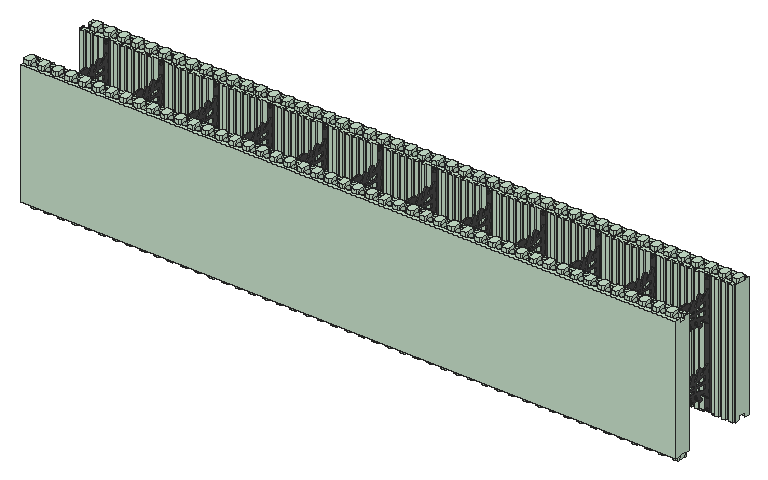
Revit family (continued)
Forms (in)
  Extrusion 44, void
    sketch origin (84, 0, 0) x (1, 0, 0) y (0, 1, 0)
      loop
        arc (1.17308, -5.73905) -> (1.04785, -5.82983) -> (1, -5.97692) r 0.25
        line (1, -5.97692) -> (1, -6.89808)
    from 18 to 17.5
  Extrusion 45, void
    sketch origin (86, 0, 0) x (1, 0, 0) y (0, 1, 0)
      loop
        arc (1, -6.89808) -> (1.04785, -7.04517) -> (1.17308, -7.13595) r 0.25
        arc (1.17308, -7.13595) -> (1.5, -7.1875) -> (1.82692, -7.13595) r 1.0625
        arc (1.82692, -7.13595) -> (1.95215, -7.04517) -> (2, -6.89808) r 0.25
        line (2, -6.89808) -> (2, -5.97692)
        arc (2, -5.97692) -> (1.98276, -5.88568) -> (1.9334, -5.80702) r 0.25
        arc (1.9334, -5.80702) -> (1.92106, -5.78736) -> (1.91675, -5.76455) r 0.0625
        line (1.91675, -5.76455) -> (1.91675, -5.41845) -> (1.74592, -5.41845) -> (1.74592, -5.64005)
        arc (1.74592, -5.64005) -> (1.72385, -5.68771) -> (1.67323, -5.70172) r 0.0625
        arc (1.67323, -5.70172) -> (1.42092, -5.69045) -> (1.17308, -5.73905) r 1.0625
        arc (1.17308, -5.73905) -> (1.04785, -5.82983) -> (1, -5.97692) r 0.25
        line (1, -5.97692) -> (1, -6.89808)
    from 18 to 17.5
  Extrusion 46, void
    sketch origin (88, 0, 0) x (1, 0, 0) y (0, 1, 0)
      loop
        arc (1, -6.89808) -> (1.04785, -7.04517) -> (1.17308, -7.13595) r 0.25
        arc (1.17308, -7.13595) -> (1.5, -7.1875) -> (1.82692, -7.13595) r 1.0625
        arc (1.82692, -7.13595) -> (1.95215, -7.04517) -> (2, -6.89808) r 0.25
        line (2, -6.89808) -> (2, -5.97692)
        arc (2, -5.97692) -> (1.98276, -5.88568) -> (1.9334, -5.80702) r 0.25
        arc (1.9334, -5.80702) -> (1.92106, -5.78736) -> (1.91675, -5.76455) r 0.0625
        line (1.91675, -5.76455) -> (1.91675, -5.41845) -> (1.74592, -5.41845) -> (1.74592, -5.64005)
        arc (1.74592, -5.64005) -> (1.72385, -5.68771) -> (1.67323, -5.70172) r 0.0625
        arc (1.67323, -5.70172) -> (1.42092, -5.69045) -> (1.17308, -5.73905) r 1.0625
        arc (1.17308, -5.73905) -> (1.04785, -5.82983) -> (1, -5.97692) r 0.25
        line (1, -5.97692) -> (1, -6.89808)
    from 18 to 17.5
  Extrusion 47, void
    sketch origin (90, 0, 0) x (1, 0, 0) y (0, 1, 0)
      loop
        arc (1, -6.89808) -> (1.04785, -7.04517) -> (1.17308, -7.13595) r 0.25
        arc (1.17308, -7.13595) -> (1.5, -7.1875) -> (1.82692, -7.13595) r 1.0625
        arc (1.82692, -7.13595) -> (1.95215, -7.04517) -> (2, -6.89808) r 0.25
        line (2, -6.89808) -> (2, -5.97692)
        arc (2, -5.97692) -> (1.98276, -5.88568) -> (1.9334, -5.80702) r 0.25
        arc (1.9334, -5.80702) -> (1.92106, -5.78736) -> (1.91675, -5.76455) r 0.0625
        line (1.91675, -5.76455) -> (1.91675, -5.41845) -> (1.74592, -5.41845) -> (1.74592, -5.64005)
        arc (1.74592, -5.64005) -> (1.72385, -5.68771) -> (1.67323, -5.70172) r 0.0625
        arc (1.67323, -5.70172) -> (1.42092, -5.69045) -> (1.17308, -5.73905) r 1.0625
        arc (1.17308, -5.73905) -> (1.04785, -5.82983) -> (1, -5.97692) r 0.25
        line (1, -5.97692) -> (1, -6.89808)
    from 18 to 17.5
  Extrusion 48, void
    sketch origin (92, 0, 0) x (1, 0, 0) y (0, 1, 0)
      loop
        arc (1, -6.89808) -> (1.04785, -7.04517) -> (1.17308, -7.13595) r 0.25
        arc (1.17308, -7.13595) -> (1.5, -7.1875) -> (1.82692, -7.13595) r 1.0625
        arc (1.82692, -7.13595) -> (1.95215, -7.04517) -> (2, -6.89808) r 0.25
        line (2, -6.89808) -> (2, -5.97692)
        arc (2, -5.97692) -> (1.98276, -5.88568) -> (1.9334, -5.80702) r 0.25
        arc (1.9334, -5.80702) -> (1.92106, -5.78736) -> (1.91675, -5.76455) r 0.0625
        line (1.91675, -5.76455) -> (1.91675, -5.41845) -> (1.74592, -5.41845) -> (1.74592, -5.64005)
        arc (1.74592, -5.64005) -> (1.72385, -5.68771) -> (1.67323, -5.70172) r 0.0625
        arc (1.67323, -5.70172) -> (1.42092, -5.69045) -> (1.17308, -5.73905) r 1.0625
        arc (1.17308, -5.73905) -> (1.04785, -5.82983) -> (1, -5.97692) r 0.25
        line (1, -5.97692) -> (1, -6.89808)
    from 18 to 17.5
  Extrusion 49, void
    sketch origin (94, 0, 0) x (1, 0, 0) y (0, 1, 0)
      loop
        arc (1, -6.89808) -> (1.04785, -7.04517) -> (1.17308, -7.13595) r 0.25
        arc (1.17308, -7.13595) -> (1.5, -7.1875) -> (1.82692, -7.13595) r 1.0625
        arc (1.82692, -7.13595) -> (1.95215, -7.04517) -> (2, -6.89808) r 0.25
        line (2, -6.89808) -> (2, -5.97692)
        arc (2, -5.97692) -> (1.98276, -5.88568) -> (1.9334, -5.80702) r 0.25
        arc (1.9334, -5.80702) -> (1.92106, -5.78736) -> (1.91675, -5.76455) r 0.0625
        line (1.91675, -5.76455) -> (1.91675, -5.41845) -> (1.74592, -5.41845) -> (1.74592, -5.64005)
        arc (1.74592, -5.64005) -> (1.72385, -5.68771) -> (1.67323, -5.70172) r 0.0625
        arc (1.67323, -5.70172) -> (1.42092, -5.69045) -> (1.17308, -5.73905) r 1.0625
        arc (1.17308, -5.73905) -> (1.04785, -5.82983) -> (1, -5.97692) r 0.25
        line (1, -5.97692) -> (1, -6.89808)
    from 18 to 17.5
  Extrusion 50, void
    sketch origin (96, 0, 0) x (-1, 0, 0) y (0, -1, 0)
      loop
        arc (1, -4.89808) -> (1.04785, -5.04517) -> (1.17308, -5.13595) r 0.25
        arc (1.17308, -5.13595) -> (1.5, -5.1875) -> (1.82692, -5.13595) r 1.0625
        arc (1.82692, -5.13595) -> (1.95215, -5.04517) -> (2, -4.89808) r 0.25
        line (2, -4.89808) -> (2, -3.97692)
        arc (2, -3.97692) -> (1.98276, -3.88568) -> (1.9334, -3.80702) r 0.25
        arc (1.9334, -3.80702) -> (1.92106, -3.78736) -> (1.91675, -3.76455) r 0.0625
        line (1.91675, -3.76455) -> (1.91675, -3.41845) -> (1.74592, -3.41845) -> (1.74592, -3.64005)
        arc (1.74592, -3.64005) -> (1.72385, -3.68771) -> (1.67323, -3.70172) r 0.0625
        arc (1.67323, -3.70172) -> (1.42092, -3.69045) -> (1.17308, -3.73905) r 1.0625
        arc (1.17308, -3.73905) -> (1.04785, -3.82983) -> (1, -3.97692) r 0.25
        line (1, -3.97692) -> (1, -4.89808)
    from 18 to 17.5
  Extrusion 51, void
    sketch origin (94, 0, 0) x (-1, 0, 0) y (0, -1, 0)
      loop
        arc (1, -4.89808) -> (1.04785, -5.04517) -> (1.17308, -5.13595) r 0.25
        arc (1.17308, -5.13595) -> (1.5, -5.1875) -> (1.82692, -5.13595) r 1.0625
        arc (1.82692, -5.13595) -> (1.95215, -5.04517) -> (2, -4.89808) r 0.25
        line (2, -4.89808) -> (2, -3.97692)
        arc (2, -3.97692) -> (1.98276, -3.88568) -> (1.9334, -3.80702) r 0.25
        arc (1.9334, -3.80702) -> (1.92106, -3.78736) -> (1.91675, -3.76455) r 0.0625
        line (1.91675, -3.76455) -> (1.91675, -3.41845) -> (1.74592, -3.41845) -> (1.74592, -3.64005)
        arc (1.74592, -3.64005) -> (1.72385, -3.68771) -> (1.67323, -3.70172) r 0.0625
        arc (1.67323, -3.70172) -> (1.42092, -3.69045) -> (1.17308, -3.73905) r 1.0625
        arc (1.17308, -3.73905) -> (1.04785, -3.82983) -> (1, -3.97692) r 0.25
        line (1, -3.97692) -> (1, -4.89808)
    from 18 to 17.5
  Extrusion 52, void
    sketch origin (92, 0, 0) x (-1, 0, 0) y (0, -1, 0)
      loop
        arc (1, -4.89808) -> (1.04785, -5.04517) -> (1.17308, -5.13595) r 0.25
        arc (1.17308, -5.13595) -> (1.5, -5.1875) -> (1.82692, -5.13595) r 1.0625
        arc (1.82692, -5.13595) -> (1.95215, -5.04517) -> (2, -4.89808) r 0.25
        line (2, -4.89808) -> (2, -3.97692)
        arc (2, -3.97692) -> (1.98276, -3.88568) -> (1.9334, -3.80702) r 0.25
        arc (1.9334, -3.80702) -> (1.92106, -3.78736) -> (1.91675, -3.76455) r 0.0625
        line (1.91675, -3.76455) -> (1.91675, -3.41845) -> (1.74592, -3.41845) -> (1.74592, -3.64005)
        arc (1.74592, -3.64005) -> (1.72385, -3.68771) -> (1.67323, -3.70172) r 0.0625
        arc (1.67323, -3.70172) -> (1.42092, -3.69045) -> (1.17308, -3.73905) r 1.0625
        arc (1.17308, -3.73905) -> (1.04785, -3.82983) -> (1, -3.97692) r 0.25
        line (1, -3.97692) -> (1, -4.89808)
    from 18 to 17.5
  Extrusion 53, void
    sketch origin (90, 0, 0) x (-1, 0, 0) y (0, -1, 0)
      loop
        arc (1, -4.89808) -> (1.04785, -5.04517) -> (1.17308, -5.13595) r 0.25
        arc (1.17308, -5.13595) -> (1.5, -5.1875) -> (1.82692, -5.13595) r 1.0625
        arc (1.82692, -5.13595) -> (1.95215, -5.04517) -> (2, -4.89808) r 0.25
        line (2, -4.89808) -> (2, -3.97692)
        arc (2, -3.97692) -> (1.98276, -3.88568) -> (1.9334, -3.80702) r 0.25
        arc (1.9334, -3.80702) -> (1.92106, -3.78736) -> (1.91675, -3.76455) r 0.0625
        line (1.91675, -3.76455) -> (1.91675, -3.41845) -> (1.74592, -3.41845) -> (1.74592, -3.64005)
        arc (1.74592, -3.64005) -> (1.72385, -3.68771) -> (1.67323, -3.70172) r 0.0625
        arc (1.67323, -3.70172) -> (1.42092, -3.69045) -> (1.17308, -3.73905) r 1.0625
        arc (1.17308, -3.73905) -> (1.04785, -3.82983) -> (1, -3.97692) r 0.25
        line (1, -3.97692) -> (1, -4.89808)
    from 18 to 17.5
  Extrusion 54, void
    sketch origin (88, 0, 0) x (-1, 0, 0) y (0, -1, 0)
      loop
        arc (1, -4.89808) -> (1.04785, -5.04517) -> (1.17308, -5.13595) r 0.25
        arc (1.17308, -5.13595) -> (1.5, -5.1875) -> (1.82692, -5.13595) r 1.0625
        arc (1.82692, -5.13595) -> (1.95215, -5.04517) -> (2, -4.89808) r 0.25
        line (2, -4.89808) -> (2, -3.97692)
        arc (2, -3.97692) -> (1.98276, -3.88568) -> (1.9334, -3.80702) r 0.25
        arc (1.9334, -3.80702) -> (1.92106, -3.78736) -> (1.91675, -3.76455) r 0.0625
        line (1.91675, -3.76455) -> (1.91675, -3.41845) -> (1.74592, -3.41845) -> (1.74592, -3.64005)
        arc (1.74592, -3.64005) -> (1.72385, -3.68771) -> (1.67323, -3.70172) r 0.0625
        arc (1.67323, -3.70172) -> (1.42092, -3.69045) -> (1.17308, -3.73905) r 1.0625
        arc (1.17308, -3.73905) -> (1.04785, -3.82983) -> (1, -3.97692) r 0.25
        line (1, -3.97692) -> (1, -4.89808)
    from 18 to 17.5
  Extrusion 55, void
    sketch origin (86, 0, 0) x (-1, 0, 0) y (0, -1, 0)
      loop
        arc (1, -4.89808) -> (1.04785, -5.04517) -> (1.17308, -5.13595) r 0.25
        arc (1.17308, -5.13595) -> (1.5, -5.1875) -> (1.82692, -5.13595) r 1.0625
        arc (1.82692, -5.13595) -> (1.95215, -5.04517) -> (2, -4.89808) r 0.25
        line (2, -4.89808) -> (2, -3.97692)
        arc (2, -3.97692) -> (1.98276, -3.88568) -> (1.9334, -3.80702) r 0.25
        arc (1.9334, -3.80702) -> (1.92106, -3.78736) -> (1.91675, -3.76455) r 0.0625
        line (1.91675, -3.76455) -> (1.91675, -3.41845) -> (1.74592, -3.41845) -> (1.74592, -3.64005)
        arc (1.74592, -3.64005) -> (1.72385, -3.68771) -> (1.67323, -3.70172) r 0.0625
        arc (1.67323, -3.70172) -> (1.42092, -3.69045) -> (1.17308, -3.73905) r 1.0625
        arc (1.17308, -3.73905) -> (1.04785, -3.82983) -> (1, -3.97692) r 0.25
        line (1, -3.97692) -> (1, -4.89808)
    from 18 to 17.5
  Extrusion 56, void
    sketch origin (84, 0, 0) x (-1, 0, 0) y (0, -1, 0)
      loop
        arc (1, -4.89808) -> (1.04785, -5.04517) -> (1.17308, -5.13595) r 0.25
        arc (1.17308, -5.13595) -> (1.5, -5.1875) -> (1.82692, -5.13595) r 1.0625
        arc (1.82692, -5.13595) -> (1.95215, -5.04517) -> (2, -4.89808) r 0.25
        line (2, -4.89808) -> (2, -3.97692)
        arc (2, -3.97692) -> (1.98276, -3.88568) -> (1.9334, -3.80702) r 0.25
        arc (1.9334, -3.80702) -> (1.92106, -3.78736) -> (1.91675, -3.76455) r 0.0625
        line (1.91675, -3.76455) -> (1.91675, -3.41845) -> (1.74592, -3.41845) -> (1.74592, -3.64005)
        arc (1.74592, -3.64005) -> (1.72385, -3.68771) -> (1.67323, -3.70172) r 0.0625
        arc (1.67323, -3.70172) -> (1.42092, -3.69045) -> (1.17308, -3.73905) r 1.0625
        arc (1.17308, -3.73905) -> (1.04785, -3.82983) -> (1, -3.97692) r 0.25
        line (1, -3.97692) -> (1, -4.89808)
    from 18 to 17.5
  Extrusion 57, void
    sketch origin (82, 0, 0) x (-1, 0, 0) y (0, -1, 0)
      loop
        arc (1, -4.89808) -> (1.04785, -5.04517) -> (1.17308, -5.13595) r 0.25
        arc (1.17308, -5.13595) -> (1.5, -5.1875) -> (1.82692, -5.13595) r 1.0625
        arc (1.82692, -5.13595) -> (1.95215, -5.04517) -> (2, -4.89808) r 0.25
        line (2, -4.89808) -> (2, -3.97692)
        arc (2, -3.97692) -> (1.98276, -3.88568) -> (1.9334, -3.80702) r 0.25
        arc (1.9334, -3.80702) -> (1.92106, -3.78736) -> (1.91675, -3.76455) r 0.0625
        line (1.91675, -3.76455) -> (1.91675, -3.41845) -> (1.74592, -3.41845) -> (1.74592, -3.64005)
        arc (1.74592, -3.64005) -> (1.72385, -3.68771) -> (1.67323, -3.70172) r 0.0625
        arc (1.67323, -3.70172) -> (1.42092, -3.69045) -> (1.17308, -3.73905) r 1.0625
        arc (1.17308, -3.73905) -> (1.04785, -3.82983) -> (1, -3.97692) r 0.25
        line (1, -3.97692) -> (1, -4.89808)
    from 18 to 17.5
  Extrusion 58, void
    sketch origin (80, 0, 0) x (-1, 0, 0) y (0, -1, 0)
      loop
        arc (1, -4.89808) -> (1.04785, -5.04517) -> (1.17308, -5.13595) r 0.25
        arc (1.17308, -5.13595) -> (1.5, -5.1875) -> (1.82692, -5.13595) r 1.0625
        arc (1.82692, -5.13595) -> (1.95215, -5.04517) -> (2, -4.89808) r 0.25
        line (2, -4.89808) -> (2, -3.97692)
        arc (2, -3.97692) -> (1.98276, -3.88568) -> (1.9334, -3.80702) r 0.25
        arc (1.9334, -3.80702) -> (1.92106, -3.78736) -> (1.91675, -3.76455) r 0.0625
        line (1.91675, -3.76455) -> (1.91675, -3.41845) -> (1.74592, -3.41845) -> (1.74592, -3.64005)
        arc (1.74592, -3.64005) -> (1.72385, -3.68771) -> (1.67323, -3.70172) r 0.0625
        arc (1.67323, -3.70172) -> (1.42092, -3.69045) -> (1.17308, -3.73905) r 1.0625
        arc (1.17308, -3.73905) -> (1.04785, -3.82983) -> (1, -3.97692) r 0.25
        line (1, -3.97692) -> (1, -4.89808)
    from 18 to 17.5
  Extrusion 59, void
    sketch origin (78, 0, 0) x (-1, 0, 0) y (0, -1, 0)
      loop
        arc (1, -4.89808) -> (1.04785, -5.04517) -> (1.17308, -5.13595) r 0.25
        arc (1.17308, -5.13595) -> (1.5, -5.1875) -> (1.82692, -5.13595) r 1.0625
        arc (1.82692, -5.13595) -> (1.95215, -5.04517) -> (2, -4.89808) r 0.25
        line (2, -4.89808) -> (2, -3.97692)
        arc (2, -3.97692) -> (1.98276, -3.88568) -> (1.9334, -3.80702) r 0.25
        arc (1.9334, -3.80702) -> (1.92106, -3.78736) -> (1.91675, -3.76455) r 0.0625
        line (1.91675, -3.76455) -> (1.91675, -3.41845) -> (1.74592, -3.41845) -> (1.74592, -3.64005)
        arc (1.74592, -3.64005) -> (1.72385, -3.68771) -> (1.67323, -3.70172) r 0.0625
        arc (1.67323, -3.70172) -> (1.42092, -3.69045) -> (1.17308, -3.73905) r 1.0625
        arc (1.17308, -3.73905) -> (1.04785, -3.82983) -> (1, -3.97692) r 0.25
        line (1, -3.97692) -> (1, -4.89808)
    from 18 to 17.5
  Extrusion 60, void
    sketch origin (76, 0, 0) x (-1, 0, 0) y (0, -1, 0)
      loop
        arc (1, -4.89808) -> (1.04785, -5.04517) -> (1.17308, -5.13595) r 0.25
        arc (1.17308, -5.13595) -> (1.5, -5.1875) -> (1.82692, -5.13595) r 1.0625
        arc (1.82692, -5.13595) -> (1.95215, -5.04517) -> (2, -4.89808) r 0.25
        line (2, -4.89808) -> (2, -3.97692)
        arc (2, -3.97692) -> (1.98276, -3.88568) -> (1.9334, -3.80702) r 0.25
        arc (1.9334, -3.80702) -> (1.92106, -3.78736) -> (1.91675, -3.76455) r 0.0625
        line (1.91675, -3.76455) -> (1.91675, -3.41845) -> (1.74592, -3.41845) -> (1.74592, -3.64005)
        arc (1.74592, -3.64005) -> (1.72385, -3.68771) -> (1.67323, -3.70172) r 0.0625
        arc (1.67323, -3.70172) -> (1.42092, -3.69045) -> (1.17308, -3.73905) r 1.0625
        arc (1.17308, -3.73905) -> (1.04785, -3.82983) -> (1, -3.97692) r 0.25
        line (1, -3.97692) -> (1, -4.89808)
    from 18 to 17.5
  Extrusion 61, void
    sketch origin (74, 0, 0) x (-1, 0, 0) y (0, -1, 0)
      loop
        arc (1, -4.89808) -> (1.04785, -5.04517) -> (1.17308, -5.13595) r 0.25
        arc (1.17308, -5.13595) -> (1.5, -5.1875) -> (1.82692, -5.13595) r 1.0625
        arc (1.82692, -5.13595) -> (1.95215, -5.04517) -> (2, -4.89808) r 0.25
        line (2, -4.89808) -> (2, -3.97692)
        arc (2, -3.97692) -> (1.98276, -3.88568) -> (1.9334, -3.80702) r 0.25
        arc (1.9334, -3.80702) -> (1.92106, -3.78736) -> (1.91675, -3.76455) r 0.0625
        line (1.91675, -3.76455) -> (1.91675, -3.41845) -> (1.74592, -3.41845) -> (1.74592, -3.64005)
        arc (1.74592, -3.64005) -> (1.72385, -3.68771) -> (1.67323, -3.70172) r 0.0625
        arc (1.67323, -3.70172) -> (1.42092, -3.69045) -> (1.17308, -3.73905) r 1.0625
        arc (1.17308, -3.73905) -> (1.04785, -3.82983) -> (1, -3.97692) r 0.25
        line (1, -3.97692) -> (1, -4.89808)
    from 18 to 17.5
  Extrusion 62, void
    sketch origin (72, 0, 0) x (-1, 0, 0) y (0, -1, 0)
      loop
        arc (1, -4.89808) -> (1.04785, -5.04517) -> (1.17308, -5.13595) r 0.25
        arc (1.17308, -5.13595) -> (1.5, -5.1875) -> (1.82692, -5.13595) r 1.0625
        arc (1.82692, -5.13595) -> (1.95215, -5.04517) -> (2, -4.89808) r 0.25
        line (2, -4.89808) -> (2, -3.97692)
        arc (2, -3.97692) -> (1.98276, -3.88568) -> (1.9334, -3.80702) r 0.25
        arc (1.9334, -3.80702) -> (1.92106, -3.78736) -> (1.91675, -3.76455) r 0.0625
        line (1.91675, -3.76455) -> (1.91675, -3.41845) -> (1.74592, -3.41845) -> (1.74592, -3.64005)
        arc (1.74592, -3.64005) -> (1.72385, -3.68771) -> (1.67323, -3.70172) r 0.0625
        arc (1.67323, -3.70172) -> (1.42092, -3.69045) -> (1.17308, -3.73905) r 1.0625
        arc (1.17308, -3.73905) -> (1.04785, -3.82983) -> (1, -3.97692) r 0.25
        line (1, -3.97692) -> (1, -4.89808)
    from 18 to 17.5
  Extrusion 63, void
    sketch origin (70, 0, 0) x (-1, 0, 0) y (0, -1, 0)
      loop
        arc (1, -4.89808) -> (1.04785, -5.04517) -> (1.17308, -5.13595) r 0.25
        arc (1.17308, -5.13595) -> (1.5, -5.1875) -> (1.82692, -5.13595) r 1.0625
        arc (1.82692, -5.13595) -> (1.95215, -5.04517) -> (2, -4.89808) r 0.25
        line (2, -4.89808) -> (2, -3.97692)
        arc (2, -3.97692) -> (1.98276, -3.88568) -> (1.9334, -3.80702) r 0.25
        arc (1.9334, -3.80702) -> (1.92106, -3.78736) -> (1.91675, -3.76455) r 0.0625
        line (1.91675, -3.76455) -> (1.91675, -3.41845) -> (1.74592, -3.41845) -> (1.74592, -3.64005)
        arc (1.74592, -3.64005) -> (1.72385, -3.68771) -> (1.67323, -3.70172) r 0.0625
        arc (1.67323, -3.70172) -> (1.42092, -3.69045) -> (1.17308, -3.73905) r 1.0625
        arc (1.17308, -3.73905) -> (1.04785, -3.82983) -> (1, -3.97692) r 0.25
        line (1, -3.97692) -> (1, -4.89808)
    from 18 to 17.5
  Extrusion 64, void
    sketch origin (68, 0, 0) x (-1, 0, 0) y (0, -1, 0)
      loop
        arc (1, -4.89808) -> (1.04785, -5.04517) -> (1.17308, -5.13595) r 0.25
        arc (1.17308, -5.13595) -> (1.5, -5.1875) -> (1.82692, -5.13595) r 1.0625
        arc (1.82692, -5.13595) -> (1.95215, -5.04517) -> (2, -4.89808) r 0.25
        line (2, -4.89808) -> (2, -3.97692)
        arc (2, -3.97692) -> (1.98276, -3.88568) -> (1.9334, -3.80702) r 0.25
        arc (1.9334, -3.80702) -> (1.92106, -3.78736) -> (1.91675, -3.76455) r 0.0625
        line (1.91675, -3.76455) -> (1.91675, -3.41845) -> (1.74592, -3.41845) -> (1.74592, -3.64005)
        arc (1.74592, -3.64005) -> (1.72385, -3.68771) -> (1.67323, -3.70172) r 0.0625
        arc (1.67323, -3.70172) -> (1.42092, -3.69045) -> (1.17308, -3.73905) r 1.0625
        arc (1.17308, -3.73905) -> (1.04785, -3.82983) -> (1, -3.97692) r 0.25
        line (1, -3.97692) -> (1, -4.89808)
    from 18 to 17.5
  Extrusion 65, void
    sketch origin (66, 0, 0) x (-1, 0, 0) y (0, -1, 0)
      loop
        arc (1, -4.89808) -> (1.04785, -5.04517) -> (1.17308, -5.13595) r 0.25
        arc (1.17308, -5.13595) -> (1.5, -5.1875) -> (1.82692, -5.13595) r 1.0625
        arc (1.82692, -5.13595) -> (1.95215, -5.04517) -> (2, -4.89808) r 0.25
        line (2, -4.89808) -> (2, -3.97692)
        arc (2, -3.97692) -> (1.98276, -3.88568) -> (1.9334, -3.80702) r 0.25
        arc (1.9334, -3.80702) -> (1.92106, -3.78736) -> (1.91675, -3.76455) r 0.0625
        line (1.91675, -3.76455) -> (1.91675, -3.41845) -> (1.74592, -3.41845) -> (1.74592, -3.64005)
        arc (1.74592, -3.64005) -> (1.72385, -3.68771) -> (1.67323, -3.70172) r 0.0625
        arc (1.67323, -3.70172) -> (1.42092, -3.69045) -> (1.17308, -3.73905) r 1.0625
        arc (1.17308, -3.73905) -> (1.04785, -3.82983) -> (1, -3.97692) r 0.25
        line (1, -3.97692) -> (1, -4.89808)
    from 18 to 17.5
  Extrusion 66, void
    sketch origin (64, 0, 0) x (-1, 0, 0) y (0, -1, 0)
      loop
        arc (1, -4.89808) -> (1.04785, -5.04517) -> (1.17308, -5.13595) r 0.25
        arc (1.17308, -5.13595) -> (1.5, -5.1875) -> (1.82692, -5.13595) r 1.0625
        arc (1.82692, -5.13595) -> (1.95215, -5.04517) -> (2, -4.89808) r 0.25
        line (2, -4.89808) -> (2, -3.97692)
        arc (2, -3.97692) -> (1.98276, -3.88568) -> (1.9334, -3.80702) r 0.25
        arc (1.9334, -3.80702) -> (1.92106, -3.78736) -> (1.91675, -3.76455) r 0.0625
        line (1.91675, -3.76455) -> (1.91675, -3.41845) -> (1.74592, -3.41845) -> (1.74592, -3.64005)
        arc (1.74592, -3.64005) -> (1.72385, -3.68771) -> (1.67323, -3.70172) r 0.0625
        arc (1.67323, -3.70172) -> (1.42092, -3.69045) -> (1.17308, -3.73905) r 1.0625
        arc (1.17308, -3.73905) -> (1.04785, -3.82983) -> (1, -3.97692) r 0.25
        line (1, -3.97692) -> (1, -4.89808)
    from 18 to 17.5
  Extrusion 67, void
    sketch origin (62, 0, 0) x (-1, 0, 0) y (0, -1, 0)
      loop
        arc (1, -4.89808) -> (1.04785, -5.04517) -> (1.17308, -5.13595) r 0.25
        arc (1.17308, -5.13595) -> (1.5, -5.1875) -> (1.82692, -5.13595) r 1.0625
        arc (1.82692, -5.13595) -> (1.95215, -5.04517) -> (2, -4.89808) r 0.25
        line (2, -4.89808) -> (2, -3.97692)
        arc (2, -3.97692) -> (1.98276, -3.88568) -> (1.9334, -3.80702) r 0.25
        arc (1.9334, -3.80702) -> (1.92106, -3.78736) -> (1.91675, -3.76455) r 0.0625
        line (1.91675, -3.76455) -> (1.91675, -3.41845) -> (1.74592, -3.41845) -> (1.74592, -3.64005)
        arc (1.74592, -3.64005) -> (1.72385, -3.68771) -> (1.67323, -3.70172) r 0.0625
        arc (1.67323, -3.70172) -> (1.42092, -3.69045) -> (1.17308, -3.73905) r 1.0625
        arc (1.17308, -3.73905) -> (1.04785, -3.82983) -> (1, -3.97692) r 0.25
        line (1, -3.97692) -> (1, -4.89808)
    from 18 to 17.5
  Extrusion 68, void
    sketch origin (60, 0, 0) x (-1, 0, 0) y (0, -1, 0)
      loop
        arc (1, -4.89808) -> (1.04785, -5.04517) -> (1.17308, -5.13595) r 0.25
        arc (1.17308, -5.13595) -> (1.5, -5.1875) -> (1.82692, -5.13595) r 1.0625
        arc (1.82692, -5.13595) -> (1.95215, -5.04517) -> (2, -4.89808) r 0.25
        line (2, -4.89808) -> (2, -3.97692)
        arc (2, -3.97692) -> (1.98276, -3.88568) -> (1.9334, -3.80702) r 0.25
        arc (1.9334, -3.80702) -> (1.92106, -3.78736) -> (1.91675, -3.76455) r 0.0625
        line (1.91675, -3.76455) -> (1.91675, -3.41845) -> (1.74592, -3.41845) -> (1.74592, -3.64005)
        arc (1.74592, -3.64005) -> (1.72385, -3.68771) -> (1.67323, -3.70172) r 0.0625
        arc (1.67323, -3.70172) -> (1.42092, -3.69045) -> (1.17308, -3.73905) r 1.0625
        arc (1.17308, -3.73905) -> (1.04785, -3.82983) -> (1, -3.97692) r 0.25
        line (1, -3.97692) -> (1, -4.89808)
    from 18 to 17.5
  Extrusion 69, void
    sketch origin (58, 0, 0) x (-1, 0, 0) y (0, -1, 0)
      loop
        arc (1, -4.89808) -> (1.04785, -5.04517) -> (1.17308, -5.13595) r 0.25
        arc (1.17308, -5.13595) -> (1.5, -5.1875) -> (1.82692, -5.13595) r 1.0625
        arc (1.82692, -5.13595) -> (1.95215, -5.04517) -> (2, -4.89808) r 0.25
        line (2, -4.89808) -> (2, -3.97692)
        arc (2, -3.97692) -> (1.98276, -3.88568) -> (1.9334, -3.80702) r 0.25
        arc (1.9334, -3.80702) -> (1.92106, -3.78736) -> (1.91675, -3.76455) r 0.0625
        line (1.91675, -3.76455) -> (1.91675, -3.41845) -> (1.74592, -3.41845) -> (1.74592, -3.64005)
        arc (1.74592, -3.64005) -> (1.72385, -3.68771) -> (1.67323, -3.70172) r 0.0625
        arc (1.67323, -3.70172) -> (1.42092, -3.69045) -> (1.17308, -3.73905) r 1.0625
        arc (1.17308, -3.73905) -> (1.04785, -3.82983) -> (1, -3.97692) r 0.25
        line (1, -3.97692) -> (1, -4.89808)
    from 18 to 17.5
  Extrusion 70, void
    sketch origin (56, 0, 0) x (-1, 0, 0) y (0, -1, 0)
      loop
        arc (1, -4.89808) -> (1.04785, -5.04517) -> (1.17308, -5.13595) r 0.25
        arc (1.17308, -5.13595) -> (1.5, -5.1875) -> (1.82692, -5.13595) r 1.0625
        arc (1.82692, -5.13595) -> (1.95215, -5.04517) -> (2, -4.89808) r 0.25
        line (2, -4.89808) -> (2, -3.97692)
        arc (2, -3.97692) -> (1.98276, -3.88568) -> (1.9334, -3.80702) r 0.25
        arc (1.9334, -3.80702) -> (1.92106, -3.78736) -> (1.91675, -3.76455) r 0.0625
        line (1.91675, -3.76455) -> (1.91675, -3.41845) -> (1.74592, -3.41845) -> (1.74592, -3.64005)
        arc (1.74592, -3.64005) -> (1.72385, -3.68771) -> (1.67323, -3.70172) r 0.0625
        arc (1.67323, -3.70172) -> (1.42092, -3.69045) -> (1.17308, -3.73905) r 1.0625
        arc (1.17308, -3.73905) -> (1.04785, -3.82983) -> (1, -3.97692) r 0.25
        line (1, -3.97692) -> (1, -4.89808)
    from 18 to 17.5
  Extrusion 71, void
    sketch origin (54, 0, 0) x (-1, 0, 0) y (0, -1, 0)
      loop
        arc (1, -4.89808) -> (1.04785, -5.04517) -> (1.17308, -5.13595) r 0.25
        arc (1.17308, -5.13595) -> (1.5, -5.1875) -> (1.82692, -5.13595) r 1.0625
        arc (1.82692, -5.13595) -> (1.95215, -5.04517) -> (2, -4.89808) r 0.25
        line (2, -4.89808) -> (2, -3.97692)
        arc (2, -3.97692) -> (1.98276, -3.88568) -> (1.9334, -3.80702) r 0.25
        arc (1.9334, -3.80702) -> (1.92106, -3.78736) -> (1.91675, -3.76455) r 0.0625
        line (1.91675, -3.76455) -> (1.91675, -3.41845) -> (1.74592, -3.41845) -> (1.74592, -3.64005)
        arc (1.74592, -3.64005) -> (1.72385, -3.68771) -> (1.67323, -3.70172) r 0.0625
        arc (1.67323, -3.70172) -> (1.42092, -3.69045) -> (1.17308, -3.73905) r 1.0625
        arc (1.17308, -3.73905) -> (1.04785, -3.82983) -> (1, -3.97692) r 0.25
        line (1, -3.97692) -> (1, -4.89808)
    from 18 to 17.5
  Extrusion 72, void
    sketch origin (52, 0, 0) x (-1, 0, 0) y (0, -1, 0)
      loop
        arc (1, -4.89808) -> (1.04785, -5.04517) -> (1.17308, -5.13595) r 0.25
        arc (1.17308, -5.13595) -> (1.5, -5.1875) -> (1.82692, -5.13595) r 1.0625
        arc (1.82692, -5.13595) -> (1.95215, -5.04517) -> (2, -4.89808) r 0.25
        line (2, -4.89808) -> (2, -3.97692)
        arc (2, -3.97692) -> (1.98276, -3.88568) -> (1.9334, -3.80702) r 0.25
        arc (1.9334, -3.80702) -> (1.92106, -3.78736) -> (1.91675, -3.76455) r 0.0625
        line (1.91675, -3.76455) -> (1.91675, -3.41845) -> (1.74592, -3.41845) -> (1.74592, -3.64005)
        arc (1.74592, -3.64005) -> (1.72385, -3.68771) -> (1.67323, -3.70172) r 0.0625
        arc (1.67323, -3.70172) -> (1.42092, -3.69045) -> (1.17308, -3.73905) r 1.0625
        arc (1.17308, -3.73905) -> (1.04785, -3.82983) -> (1, -3.97692) r 0.25
        line (1, -3.97692) -> (1, -4.89808)
    from 18 to 17.5
  Extrusion 73, void
    sketch origin (50, 0, 0) x (-1, 0, 0) y (0, -1, 0)
      loop
        arc (1, -4.89808) -> (1.04785, -5.04517) -> (1.17308, -5.13595) r 0.25
        arc (1.17308, -5.13595) -> (1.5, -5.1875) -> (1.82692, -5.13595) r 1.0625
        arc (1.82692, -5.13595) -> (1.95215, -5.04517) -> (2, -4.89808) r 0.25
        line (2, -4.89808) -> (2, -3.97692)
        arc (2, -3.97692) -> (1.98276, -3.88568) -> (1.9334, -3.80702) r 0.25
        arc (1.9334, -3.80702) -> (1.92106, -3.78736) -> (1.91675, -3.76455) r 0.0625
        line (1.91675, -3.76455) -> (1.91675, -3.41845) -> (1.74592, -3.41845) -> (1.74592, -3.64005)
        arc (1.74592, -3.64005) -> (1.72385, -3.68771) -> (1.67323, -3.70172) r 0.0625
        arc (1.67323, -3.70172) -> (1.42092, -3.69045) -> (1.17308, -3.73905) r 1.0625
        arc (1.17308, -3.73905) -> (1.04785, -3.82983) -> (1, -3.97692) r 0.25
        line (1, -3.97692) -> (1, -4.89808)
    from 18 to 17.5
  Extrusion 74, void
    sketch origin (48, 0, 0) x (-1, 0, 0) y (0, -1, 0)
      loop
        arc (1, -4.89808) -> (1.04785, -5.04517) -> (1.17308, -5.13595) r 0.25
        arc (1.17308, -5.13595) -> (1.5, -5.1875) -> (1.82692, -5.13595) r 1.0625
        arc (1.82692, -5.13595) -> (1.95215, -5.04517) -> (2, -4.89808) r 0.25
        line (2, -4.89808) -> (2, -3.97692)
        arc (2, -3.97692) -> (1.98276, -3.88568) -> (1.9334, -3.80702) r 0.25
        arc (1.9334, -3.80702) -> (1.92106, -3.78736) -> (1.91675, -3.76455) r 0.0625
        line (1.91675, -3.76455) -> (1.91675, -3.41845) -> (1.74592, -3.41845) -> (1.74592, -3.64005)
        arc (1.74592, -3.64005) -> (1.72385, -3.68771) -> (1.67323, -3.70172) r 0.0625
        arc (1.67323, -3.70172) -> (1.42092, -3.69045) -> (1.17308, -3.73905) r 1.0625
        arc (1.17308, -3.73905) -> (1.04785, -3.82983) -> (1, -3.97692) r 0.25
        line (1, -3.97692) -> (1, -4.89808)
    from 18 to 17.5
  Extrusion 75, void
    sketch origin (46, 0, 0) x (-1, 0, 0) y (0, -1, 0)
      loop
        arc (1, -4.89808) -> (1.04785, -5.04517) -> (1.17308, -5.13595) r 0.25
        arc (1.17308, -5.13595) -> (1.5, -5.1875) -> (1.82692, -5.13595) r 1.0625
        arc (1.82692, -5.13595) -> (1.95215, -5.04517) -> (2, -4.89808) r 0.25
        line (2, -4.89808) -> (2, -3.97692)
        arc (2, -3.97692) -> (1.98276, -3.88568) -> (1.9334, -3.80702) r 0.25
        arc (1.9334, -3.80702) -> (1.92106, -3.78736) -> (1.91675, -3.76455) r 0.0625
        line (1.91675, -3.76455) -> (1.91675, -3.41845) -> (1.74592, -3.41845) -> (1.74592, -3.64005)
        arc (1.74592, -3.64005) -> (1.72385, -3.68771) -> (1.67323, -3.70172) r 0.0625
        arc (1.67323, -3.70172) -> (1.42092, -3.69045) -> (1.17308, -3.73905) r 1.0625
        arc (1.17308, -3.73905) -> (1.04785, -3.82983) -> (1, -3.97692) r 0.25
        line (1, -3.97692) -> (1, -4.89808)
    from 18 to 17.5
  Extrusion 76, void
    sketch origin (44, 0, 0) x (-1, 0, 0) y (0, -1, 0)
      loop
        arc (1, -4.89808) -> (1.04785, -5.04517) -> (1.17308, -5.13595) r 0.25
        arc (1.17308, -5.13595) -> (1.5, -5.1875) -> (1.82692, -5.13595) r 1.0625
        arc (1.82692, -5.13595) -> (1.95215, -5.04517) -> (2, -4.89808) r 0.25
        line (2, -4.89808) -> (2, -3.97692)
        arc (2, -3.97692) -> (1.98276, -3.88568) -> (1.9334, -3.80702) r 0.25
        arc (1.9334, -3.80702) -> (1.92106, -3.78736) -> (1.91675, -3.76455) r 0.0625
        line (1.91675, -3.76455) -> (1.91675, -3.41845) -> (1.74592, -3.41845) -> (1.74592, -3.64005)
        arc (1.74592, -3.64005) -> (1.72385, -3.68771) -> (1.67323, -3.70172) r 0.0625
        arc (1.67323, -3.70172) -> (1.42092, -3.69045) -> (1.17308, -3.73905) r 1.0625
        arc (1.17308, -3.73905) -> (1.04785, -3.82983) -> (1, -3.97692) r 0.25
        line (1, -3.97692) -> (1, -4.89808)
    from 18 to 17.5
  Extrusion 77, void
    sketch origin (42, 0, 0) x (-1, 0, 0) y (0, -1, 0)
      loop
        arc (1, -4.89808) -> (1.04785, -5.04517) -> (1.17308, -5.13595) r 0.25
        arc (1.17308, -5.13595) -> (1.5, -5.1875) -> (1.82692, -5.13595) r 1.0625
        arc (1.82692, -5.13595) -> (1.95215, -5.04517) -> (2, -4.89808) r 0.25
        line (2, -4.89808) -> (2, -3.97692)
        arc (2, -3.97692) -> (1.98276, -3.88568) -> (1.9334, -3.80702) r 0.25
        arc (1.9334, -3.80702) -> (1.92106, -3.78736) -> (1.91675, -3.76455) r 0.0625
        line (1.91675, -3.76455) -> (1.91675, -3.41845) -> (1.74592, -3.41845) -> (1.74592, -3.64005)
        arc (1.74592, -3.64005) -> (1.72385, -3.68771) -> (1.67323, -3.70172) r 0.0625
        arc (1.67323, -3.70172) -> (1.42092, -3.69045) -> (1.17308, -3.73905) r 1.0625
        arc (1.17308, -3.73905) -> (1.04785, -3.82983) -> (1, -3.97692) r 0.25
        line (1, -3.97692) -> (1, -4.89808)
    from 18 to 17.5
  Extrusion 78, void
    sketch origin (40, 0, 0) x (-1, 0, 0) y (0, -1, 0)
      loop
        arc (1, -4.89808) -> (1.04785, -5.04517) -> (1.17308, -5.13595) r 0.25
        arc (1.17308, -5.13595) -> (1.5, -5.1875) -> (1.82692, -5.13595) r 1.0625
        arc (1.82692, -5.13595) -> (1.95215, -5.04517) -> (2, -4.89808) r 0.25
        line (2, -4.89808) -> (2, -3.97692)
        arc (2, -3.97692) -> (1.98276, -3.88568) -> (1.9334, -3.80702) r 0.25
        arc (1.9334, -3.80702) -> (1.92106, -3.78736) -> (1.91675, -3.76455) r 0.0625
        line (1.91675, -3.76455) -> (1.91675, -3.41845) -> (1.74592, -3.41845) -> (1.74592, -3.64005)
        arc (1.74592, -3.64005) -> (1.72385, -3.68771) -> (1.67323, -3.70172) r 0.0625
        arc (1.67323, -3.70172) -> (1.42092, -3.69045) -> (1.17308, -3.73905) r 1.0625
        arc (1.17308, -3.73905) -> (1.04785, -3.82983) -> (1, -3.97692) r 0.25
        line (1, -3.97692) -> (1, -4.89808)
    from 18 to 17.5
  Extrusion 79, void
    sketch origin (38, 0, 0) x (-1, 0, 0) y (0, -1, 0)
      loop
        arc (1, -4.89808) -> (1.04785, -5.04517) -> (1.17308, -5.13595) r 0.25
        arc (1.17308, -5.13595) -> (1.5, -5.1875) -> (1.82692, -5.13595) r 1.0625
        arc (1.82692, -5.13595) -> (1.95215, -5.04517) -> (2, -4.89808) r 0.25
        line (2, -4.89808) -> (2, -3.97692)
        arc (2, -3.97692) -> (1.98276, -3.88568) -> (1.9334, -3.80702) r 0.25
        arc (1.9334, -3.80702) -> (1.92106, -3.78736) -> (1.91675, -3.76455) r 0.0625
        line (1.91675, -3.76455) -> (1.91675, -3.41845) -> (1.74592, -3.41845) -> (1.74592, -3.64005)
        arc (1.74592, -3.64005) -> (1.72385, -3.68771) -> (1.67323, -3.70172) r 0.0625
        arc (1.67323, -3.70172) -> (1.42092, -3.69045) -> (1.17308, -3.73905) r 1.0625
        arc (1.17308, -3.73905) -> (1.04785, -3.82983) -> (1, -3.97692) r 0.25
        line (1, -3.97692) -> (1, -4.89808)
    from 18 to 17.5
  Extrusion 80, void
    sketch origin (36, 0, 0) x (-1, 0, 0) y (0, -1, 0)
      loop
        arc (1, -4.89808) -> (1.04785, -5.04517) -> (1.17308, -5.13595) r 0.25
        arc (1.17308, -5.13595) -> (1.5, -5.1875) -> (1.82692, -5.13595) r 1.0625
        arc (1.82692, -5.13595) -> (1.95215, -5.04517) -> (2, -4.89808) r 0.25
        line (2, -4.89808) -> (2, -3.97692)
        arc (2, -3.97692) -> (1.98276, -3.88568) -> (1.9334, -3.80702) r 0.25
        arc (1.9334, -3.80702) -> (1.92106, -3.78736) -> (1.91675, -3.76455) r 0.0625
        line (1.91675, -3.76455) -> (1.91675, -3.41845) -> (1.74592, -3.41845) -> (1.74592, -3.64005)
        arc (1.74592, -3.64005) -> (1.72385, -3.68771) -> (1.67323, -3.70172) r 0.0625
        arc (1.67323, -3.70172) -> (1.42092, -3.69045) -> (1.17308, -3.73905) r 1.0625
        arc (1.17308, -3.73905) -> (1.04785, -3.82983) -> (1, -3.97692) r 0.25
        line (1, -3.97692) -> (1, -4.89808)
    from 18 to 17.5
  Extrusion 81, void
    sketch origin (34, 0, 0) x (-1, 0, 0) y (0, -1, 0)
      loop
        arc (1, -4.89808) -> (1.04785, -5.04517) -> (1.17308, -5.13595) r 0.25
        arc (1.17308, -5.13595) -> (1.5, -5.1875) -> (1.82692, -5.13595) r 1.0625
        arc (1.82692, -5.13595) -> (1.95215, -5.04517) -> (2, -4.89808) r 0.25
        line (2, -4.89808) -> (2, -3.97692)
        arc (2, -3.97692) -> (1.98276, -3.88568) -> (1.9334, -3.80702) r 0.25
        arc (1.9334, -3.80702) -> (1.92106, -3.78736) -> (1.91675, -3.76455) r 0.0625
        line (1.91675, -3.76455) -> (1.91675, -3.41845) -> (1.74592, -3.41845) -> (1.74592, -3.64005)
        arc (1.74592, -3.64005) -> (1.72385, -3.68771) -> (1.67323, -3.70172) r 0.0625
        arc (1.67323, -3.70172) -> (1.42092, -3.69045) -> (1.17308, -3.73905) r 1.0625
        arc (1.17308, -3.73905) -> (1.04785, -3.82983) -> (1, -3.97692) r 0.25
        line (1, -3.97692) -> (1, -4.89808)
    from 18 to 17.5
  Extrusion 82, void
    sketch origin (32, 0, 0) x (-1, 0, 0) y (0, -1, 0)
      loop
        arc (1, -4.89808) -> (1.04785, -5.04517) -> (1.17308, -5.13595) r 0.25
        arc (1.17308, -5.13595) -> (1.5, -5.1875) -> (1.82692, -5.13595) r 1.0625
        arc (1.82692, -5.13595) -> (1.95215, -5.04517) -> (2, -4.89808) r 0.25
        line (2, -4.89808) -> (2, -3.97692)
        arc (2, -3.97692) -> (1.98276, -3.88568) -> (1.9334, -3.80702) r 0.25
        arc (1.9334, -3.80702) -> (1.92106, -3.78736) -> (1.91675, -3.76455) r 0.0625
        line (1.91675, -3.76455) -> (1.91675, -3.41845) -> (1.74592, -3.41845) -> (1.74592, -3.64005)
        arc (1.74592, -3.64005) -> (1.72385, -3.68771) -> (1.67323, -3.70172) r 0.0625
        arc (1.67323, -3.70172) -> (1.42092, -3.69045) -> (1.17308, -3.73905) r 1.0625
        arc (1.17308, -3.73905) -> (1.04785, -3.82983) -> (1, -3.97692) r 0.25
        line (1, -3.97692) -> (1, -4.89808)
    from 18 to 17.5
  Extrusion 83, void
    sketch origin (30, 0, 0) x (-1, 0, 0) y (0, -1, 0)
      loop
        arc (1, -4.89808) -> (1.04785, -5.04517) -> (1.17308, -5.13595) r 0.25
        arc (1.17308, -5.13595) -> (1.5, -5.1875) -> (1.82692, -5.13595) r 1.0625
        arc (1.82692, -5.13595) -> (1.95215, -5.04517) -> (2, -4.89808) r 0.25
        line (2, -4.89808) -> (2, -3.97692)
        arc (2, -3.97692) -> (1.98276, -3.88568) -> (1.9334, -3.80702) r 0.25
        arc (1.9334, -3.80702) -> (1.92106, -3.78736) -> (1.91675, -3.76455) r 0.0625
        line (1.91675, -3.76455) -> (1.91675, -3.41845) -> (1.74592, -3.41845) -> (1.74592, -3.64005)
        arc (1.74592, -3.64005) -> (1.72385, -3.68771) -> (1.67323, -3.70172) r 0.0625
        arc (1.67323, -3.70172) -> (1.42092, -3.69045) -> (1.17308, -3.73905) r 1.0625
        arc (1.17308, -3.73905) -> (1.04785, -3.82983) -> (1, -3.97692) r 0.25
        line (1, -3.97692) -> (1, -4.89808)
    from 18 to 17.5
  Extrusion 84, void
    sketch origin (28, 0, 0) x (-1, 0, 0) y (0, -1, 0)
      loop
        arc (1, -4.89808) -> (1.04785, -5.04517) -> (1.17308, -5.13595) r 0.25
        arc (1.17308, -5.13595) -> (1.5, -5.1875) -> (1.82692, -5.13595) r 1.0625
        arc (1.82692, -5.13595) -> (1.95215, -5.04517) -> (2, -4.89808) r 0.25
        line (2, -4.89808) -> (2, -3.97692)
        arc (2, -3.97692) -> (1.98276, -3.88568) -> (1.9334, -3.80702) r 0.25
        arc (1.9334, -3.80702) -> (1.92106, -3.78736) -> (1.91675, -3.76455) r 0.0625
        line (1.91675, -3.76455) -> (1.91675, -3.41845) -> (1.74592, -3.41845) -> (1.74592, -3.64005)
        arc (1.74592, -3.64005) -> (1.72385, -3.68771) -> (1.67323, -3.70172) r 0.0625
        arc (1.67323, -3.70172) -> (1.42092, -3.69045) -> (1.17308, -3.73905) r 1.0625
        arc (1.17308, -3.73905) -> (1.04785, -3.82983) -> (1, -3.97692) r 0.25
        line (1, -3.97692) -> (1, -4.89808)
    from 18 to 17.5
  Extrusion 85, void
    sketch origin (26, 0, 0) x (-1, 0, 0) y (0, -1, 0)
      loop
        arc (1, -4.89808) -> (1.04785, -5.04517) -> (1.17308, -5.13595) r 0.25
        arc (1.17308, -5.13595) -> (1.5, -5.1875) -> (1.82692, -5.13595) r 1.0625
        arc (1.82692, -5.13595) -> (1.95215, -5.04517) -> (2, -4.89808) r 0.25
        line (2, -4.89808) -> (2, -3.97692)
        arc (2, -3.97692) -> (1.98276, -3.88568) -> (1.9334, -3.80702) r 0.25
        arc (1.9334, -3.80702) -> (1.92106, -3.78736) -> (1.91675, -3.76455) r 0.0625
        line (1.91675, -3.76455) -> (1.91675, -3.41845) -> (1.74592, -3.41845) -> (1.74592, -3.64005)
        arc (1.74592, -3.64005) -> (1.72385, -3.68771) -> (1.67323, -3.70172) r 0.0625
        arc (1.67323, -3.70172) -> (1.42092, -3.69045) -> (1.17308, -3.73905) r 1.0625
        arc (1.17308, -3.73905) -> (1.04785, -3.82983) -> (1, -3.97692) r 0.25
        line (1, -3.97692) -> (1, -4.89808)
    from 18 to 17.5
  Extrusion 86, void
    sketch origin (24, 0, 0) x (-1, 0, 0) y (0, -1, 0)
      loop
        arc (1, -4.89808) -> (1.04785, -5.04517) -> (1.17308, -5.13595) r 0.25
        arc (1.17308, -5.13595) -> (1.5, -5.1875) -> (1.82692, -5.13595) r 1.0625
        arc (1.82692, -5.13595) -> (1.95215, -5.04517) -> (2, -4.89808) r 0.25
        line (2, -4.89808) -> (2, -3.97692)
        arc (2, -3.97692) -> (1.98276, -3.88568) -> (1.9334, -3.80702) r 0.25
        arc (1.9334, -3.80702) -> (1.92106, -3.78736) -> (1.91675, -3.76455) r 0.0625
        line (1.91675, -3.76455) -> (1.91675, -3.41845) -> (1.74592, -3.41845) -> (1.74592, -3.64005)
        arc (1.74592, -3.64005) -> (1.72385, -3.68771) -> (1.67323, -3.70172) r 0.0625
        arc (1.67323, -3.70172) -> (1.42092, -3.69045) -> (1.17308, -3.73905) r 1.0625
        arc (1.17308, -3.73905) -> (1.04785, -3.82983) -> (1, -3.97692) r 0.25
        line (1, -3.97692) -> (1, -4.89808)
    from 18 to 17.5
  Extrusion 87, void
    sketch origin (22, 0, 0) x (-1, 0, 0) y (0, -1, 0)
      loop
        arc (1, -4.89808) -> (1.04785, -5.04517) -> (1.17308, -5.13595) r 0.25
        arc (1.17308, -5.13595) -> (1.5, -5.1875) -> (1.82692, -5.13595) r 1.0625
        arc (1.82692, -5.13595) -> (1.95215, -5.04517) -> (2, -4.89808) r 0.25
        line (2, -4.89808) -> (2, -3.97692)
        arc (2, -3.97692) -> (1.98276, -3.88568) -> (1.9334, -3.80702) r 0.25
        arc (1.9334, -3.80702) -> (1.92106, -3.78736) -> (1.91675, -3.76455) r 0.0625
        line (1.91675, -3.76455) -> (1.91675, -3.41845) -> (1.74592, -3.41845) -> (1.74592, -3.64005)
        arc (1.74592, -3.64005) -> (1.72385, -3.68771) -> (1.67323, -3.70172) r 0.0625
        arc (1.67323, -3.70172) -> (1.42092, -3.69045) -> (1.17308, -3.73905) r 1.0625
        arc (1.17308, -3.73905) -> (1.04785, -3.82983) -> (1, -3.97692) r 0.25
        line (1, -3.97692) -> (1, -4.89808)
    from 18 to 17.5
  Extrusion 88, void
    sketch origin (20, 0, 0) x (-1, 0, 0) y (0, -1, 0)
      loop
        arc (1, -4.89808) -> (1.04785, -5.04517) -> (1.17308, -5.13595) r 0.25
        arc (1.17308, -5.13595) -> (1.5, -5.1875) -> (1.82692, -5.13595) r 1.0625
        arc (1.82692, -5.13595) -> (1.95215, -5.04517) -> (2, -4.89808) r 0.25
        line (2, -4.89808) -> (2, -3.97692)
        arc (2, -3.97692) -> (1.98276, -3.88568) -> (1.9334, -3.80702) r 0.25
        arc (1.9334, -3.80702) -> (1.92106, -3.78736) -> (1.91675, -3.76455) r 0.0625
        line (1.91675, -3.76455) -> (1.91675, -3.41845) -> (1.74592, -3.41845) -> (1.74592, -3.64005)
        arc (1.74592, -3.64005) -> (1.72385, -3.68771) -> (1.67323, -3.70172) r 0.0625
        arc (1.67323, -3.70172) -> (1.42092, -3.69045) -> (1.17308, -3.73905) r 1.0625
        arc (1.17308, -3.73905) -> (1.04785, -3.82983) -> (1, -3.97692) r 0.25
        line (1, -3.97692) -> (1, -4.89808)
    from 18 to 17.5
  Extrusion 89, void
    sketch origin (18, 0, 0) x (-1, 0, 0) y (0, -1, 0)
      loop
        arc (1, -4.89808) -> (1.04785, -5.04517) -> (1.17308, -5.13595) r 0.25
        arc (1.17308, -5.13595) -> (1.5, -5.1875) -> (1.82692, -5.13595) r 1.0625
        arc (1.82692, -5.13595) -> (1.95215, -5.04517) -> (2, -4.89808) r 0.25
        line (2, -4.89808) -> (2, -3.97692)
        arc (2, -3.97692) -> (1.98276, -3.88568) -> (1.9334, -3.80702) r 0.25
        arc (1.9334, -3.80702) -> (1.92106, -3.78736) -> (1.91675, -3.76455) r 0.0625
        line (1.91675, -3.76455) -> (1.91675, -3.41845) -> (1.74592, -3.41845) -> (1.74592, -3.64005)
        arc (1.74592, -3.64005) -> (1.72385, -3.68771) -> (1.67323, -3.70172) r 0.0625
        arc (1.67323, -3.70172) -> (1.42092, -3.69045) -> (1.17308, -3.73905) r 1.0625
        arc (1.17308, -3.73905) -> (1.04785, -3.82983) -> (1, -3.97692) r 0.25
        line (1, -3.97692) -> (1, -4.89808)
    from 18 to 17.5
  Extrusion 90, void
    sketch origin (16, 0, 0) x (-1, 0, 0) y (0, -1, 0)
      loop
        arc (1, -4.89808) -> (1.04785, -5.04517) -> (1.17308, -5.13595) r 0.25
        arc (1.17308, -5.13595) -> (1.5, -5.1875) -> (1.82692, -5.13595) r 1.0625
        arc (1.82692, -5.13595) -> (1.95215, -5.04517) -> (2, -4.89808) r 0.25
        line (2, -4.89808) -> (2, -3.97692)
        arc (2, -3.97692) -> (1.98276, -3.88568) -> (1.9334, -3.80702) r 0.25
        arc (1.9334, -3.80702) -> (1.92106, -3.78736) -> (1.91675, -3.76455) r 0.0625
        line (1.91675, -3.76455) -> (1.91675, -3.41845) -> (1.74592, -3.41845) -> (1.74592, -3.64005)
        arc (1.74592, -3.64005) -> (1.72385, -3.68771) -> (1.67323, -3.70172) r 0.0625
        arc (1.67323, -3.70172) -> (1.42092, -3.69045) -> (1.17308, -3.73905) r 1.0625
        arc (1.17308, -3.73905) -> (1.04785, -3.82983) -> (1, -3.97692) r 0.25
        line (1, -3.97692) -> (1, -4.89808)
    from 18 to 17.5
  Extrusion 91, void
    sketch origin (14, 0, 0) x (-1, 0, 0) y (0, -1, 0)
      loop
        arc (1, -4.89808) -> (1.04785, -5.04517) -> (1.17308, -5.13595) r 0.25
        arc (1.17308, -5.13595) -> (1.5, -5.1875) -> (1.82692, -5.13595) r 1.0625
        arc (1.82692, -5.13595) -> (1.95215, -5.04517) -> (2, -4.89808) r 0.25
        line (2, -4.89808) -> (2, -3.97692)
        arc (2, -3.97692) -> (1.98276, -3.88568) -> (1.9334, -3.80702) r 0.25
        arc (1.9334, -3.80702) -> (1.92106, -3.78736) -> (1.91675, -3.76455) r 0.0625
        line (1.91675, -3.76455) -> (1.91675, -3.41845) -> (1.74592, -3.41845) -> (1.74592, -3.64005)
        arc (1.74592, -3.64005) -> (1.72385, -3.68771) -> (1.67323, -3.70172) r 0.0625
        arc (1.67323, -3.70172) -> (1.42092, -3.69045) -> (1.17308, -3.73905) r 1.0625
        arc (1.17308, -3.73905) -> (1.04785, -3.82983) -> (1, -3.97692) r 0.25
        line (1, -3.97692) -> (1, -4.89808)
    from 18 to 17.5
  Extrusion 92, void
    sketch origin (12, 0, 0) x (-1, 0, 0) y (0, -1, 0)
      loop
        arc (1, -4.89808) -> (1.04785, -5.04517) -> (1.17308, -5.13595) r 0.25
        arc (1.17308, -5.13595) -> (1.5, -5.1875) -> (1.82692, -5.13595) r 1.0625
        arc (1.82692, -5.13595) -> (1.95215, -5.04517) -> (2, -4.89808) r 0.25
        line (2, -4.89808) -> (2, -3.97692)
        arc (2, -3.97692) -> (1.98276, -3.88568) -> (1.9334, -3.80702) r 0.25
        arc (1.9334, -3.80702) -> (1.92106, -3.78736) -> (1.91675, -3.76455) r 0.0625
        line (1.91675, -3.76455) -> (1.91675, -3.41845) -> (1.74592, -3.41845) -> (1.74592, -3.64005)
        arc (1.74592, -3.64005) -> (1.72385, -3.68771) -> (1.67323, -3.70172) r 0.0625
        arc (1.67323, -3.70172) -> (1.42092, -3.69045) -> (1.17308, -3.73905) r 1.0625
        arc (1.17308, -3.73905) -> (1.04785, -3.82983) -> (1, -3.97692) r 0.25
        line (1, -3.97692) -> (1, -4.89808)
    from 18 to 17.5
  Extrusion 93, void
    sketch origin (10, 0, 0) x (-1, 0, 0) y (0, -1, 0)
      loop
        arc (1, -4.89808) -> (1.04785, -5.04517) -> (1.17308, -5.13595) r 0.25
        arc (1.17308, -5.13595) -> (1.5, -5.1875) -> (1.82692, -5.13595) r 1.0625
        arc (1.82692, -5.13595) -> (1.95215, -5.04517) -> (2, -4.89808) r 0.25
        line (2, -4.89808) -> (2, -3.97692)
        arc (2, -3.97692) -> (1.98276, -3.88568) -> (1.9334, -3.80702) r 0.25
        arc (1.9334, -3.80702) -> (1.92106, -3.78736) -> (1.91675, -3.76455) r 0.0625
        line (1.91675, -3.76455) -> (1.91675, -3.41845) -> (1.74592, -3.41845) -> (1.74592, -3.64005)
        arc (1.74592, -3.64005) -> (1.72385, -3.68771) -> (1.67323, -3.70172) r 0.0625
        arc (1.67323, -3.70172) -> (1.42092, -3.69045) -> (1.17308, -3.73905) r 1.0625
        arc (1.17308, -3.73905) -> (1.04785, -3.82983) -> (1, -3.97692) r 0.25
        line (1, -3.97692) -> (1, -4.89808)
    from 18 to 17.5
  Extrusion 94, void
    sketch origin (8, 0, 0) x (-1, 0, 0) y (0, -1, 0)
      loop
        arc (1, -4.89808) -> (1.04785, -5.04517) -> (1.17308, -5.13595) r 0.25
        arc (1.17308, -5.13595) -> (1.5, -5.1875) -> (1.82692, -5.13595) r 1.0625
        arc (1.82692, -5.13595) -> (1.95215, -5.04517) -> (2, -4.89808) r 0.25
        line (2, -4.89808) -> (2, -3.97692)
        arc (2, -3.97692) -> (1.98276, -3.88568) -> (1.9334, -3.80702) r 0.25
        arc (1.9334, -3.80702) -> (1.92106, -3.78736) -> (1.91675, -3.76455) r 0.0625
        line (1.91675, -3.76455) -> (1.91675, -3.41845) -> (1.74592, -3.41845) -> (1.74592, -3.64005)
        arc (1.74592, -3.64005) -> (1.72385, -3.68771) -> (1.67323, -3.70172) r 0.0625
        arc (1.67323, -3.70172) -> (1.42092, -3.69045) -> (1.17308, -3.73905) r 1.0625
        arc (1.17308, -3.73905) -> (1.04785, -3.82983) -> (1, -3.97692) r 0.25
        line (1, -3.97692) -> (1, -4.89808)
    from 18 to 17.5
  Extrusion 95, void
    sketch origin (6, 0, 0) x (-1, 0, 0) y (0, -1, 0)
      loop
        arc (1, -4.89808) -> (1.04785, -5.04517) -> (1.17308, -5.13595) r 0.25
        arc (1.17308, -5.13595) -> (1.5, -5.1875) -> (1.82692, -5.13595) r 1.0625
        arc (1.82692, -5.13595) -> (1.95215, -5.04517) -> (2, -4.89808) r 0.25
        line (2, -4.89808) -> (2, -3.97692)
        arc (2, -3.97692) -> (1.98276, -3.88568) -> (1.9334, -3.80702) r 0.25
        arc (1.9334, -3.80702) -> (1.92106, -3.78736) -> (1.91675, -3.76455) r 0.0625
        line (1.91675, -3.76455) -> (1.91675, -3.41845) -> (1.74592, -3.41845) -> (1.74592, -3.64005)
        arc (1.74592, -3.64005) -> (1.72385, -3.68771) -> (1.67323, -3.70172) r 0.0625
        arc (1.67323, -3.70172) -> (1.42092, -3.69045) -> (1.17308, -3.73905) r 1.0625
        arc (1.17308, -3.73905) -> (1.04785, -3.82983) -> (1, -3.97692) r 0.25
        line (1, -3.97692) -> (1, -4.89808)
    from 18 to 17.5
  Extrusion 96, void
    sketch origin (4, 0, 0) x (-1, 0, 0) y (0, -1, 0)
      loop
        arc (1, -4.89808) -> (1.04785, -5.04517) -> (1.17308, -5.13595) r 0.25
        arc (1.17308, -5.13595) -> (1.5, -5.1875) -> (1.82692, -5.13595) r 1.0625
        arc (1.82692, -5.13595) -> (1.95215, -5.04517) -> (2, -4.89808) r 0.25
        line (2, -4.89808) -> (2, -3.97692)
        arc (2, -3.97692) -> (1.98276, -3.88568) -> (1.9334, -3.80702) r 0.25
        arc (1.9334, -3.80702) -> (1.92106, -3.78736) -> (1.91675, -3.76455) r 0.0625
        line (1.91675, -3.76455) -> (1.91675, -3.41845) -> (1.74592, -3.41845) -> (1.74592, -3.64005)
        arc (1.74592, -3.64005) -> (1.72385, -3.68771) -> (1.67323, -3.70172) r 0.0625
        arc (1.67323, -3.70172) -> (1.42092, -3.69045) -> (1.17308, -3.73905) r 1.0625
        arc (1.17308, -3.73905) -> (1.04785, -3.82983) -> (1, -3.97692) r 0.25
        line (1, -3.97692) -> (1, -4.89808)
    from 18 to 17.5
  Extrusion 97, void
    sketch origin (2, 0, 0) x (-1, 0, 0) y (0, -1, 0)
      loop
        arc (1, -4.89808) -> (1.04785, -5.04517) -> (1.17308, -5.13595) r 0.25
        arc (1.17308, -5.13595) -> (1.5, -5.1875) -> (1.82692, -5.13595) r 1.0625
        arc (1.82692, -5.13595) -> (1.95215, -5.04517) -> (2, -4.89808) r 0.25
        line (2, -4.89808) -> (2, -3.97692)
        arc (2, -3.97692) -> (1.98276, -3.88568) -> (1.9334, -3.80702) r 0.25
        arc (1.9334, -3.80702) -> (1.92106, -3.78736) -> (1.91675, -3.76455) r 0.0625
        line (1.91675, -3.76455) -> (1.91675, -3.41845) -> (1.74592, -3.41845) -> (1.74592, -3.64005)
        arc (1.74592, -3.64005) -> (1.72385, -3.68771) -> (1.67323, -3.70172) r 0.0625
        arc (1.67323, -3.70172) -> (1.42092, -3.69045) -> (1.17308, -3.73905) r 1.0625
        arc (1.17308, -3.73905) -> (1.04785, -3.82983) -> (1, -3.97692) r 0.25
        line (1, -3.97692) -> (1, -4.89808)
    from 18 to 17.5
  Extrusion 98, void
    sketch origin (2, 0, 0) x (-1, 0, 0) y (0, -1, 0)
      loop
        line (1, 6.89808) -> (1, 5.97692)
        arc (1, 5.97692) -> (1.04785, 5.82983) -> (1.17308, 5.73905) r 0.25
        arc (1.17308, 5.73905) -> (1.42092, 5.69045) -> (1.67323, 5.70172) r 1.0625
        arc (1.67323, 5.70172) -> (1.72385, 5.68771) -> (1.74592, 5.64005) r 0.0625
        line (1.74592, 5.64005) -> (1.74592, 5.41845) -> (1.91675, 5.41845) -> (1.91675, 5.76455)
        arc (1.91675, 5.76455) -> (1.92106, 5.78736) -> (1.9334, 5.80702) r 0.0625
        arc (1.9334, 5.80702) -> (1.98276, 5.88568) -> (2, 5.97692) r 0.25
        line (2, 5.97692) -> (2, 6.89808)
        arc (2, 6.89808) -> (1.95215, 7.04517) -> (1.82692, 7.13595) r 0.25
        arc (1.82692, 7.13595) -> (1.5, 7.1875) -> (1.17308, 7.13595) r 1.0625
        arc (1.17308, 7.13595) -> (1.04785, 7.04517) -> (1, 6.89808) r 0.25
    from 0 to 0.5
  Extrusion 99, void
    sketch origin (4, 0, 0) x (-1, 0, 0) y (0, -1, 0)
      loop
        line (1, 6.89808) -> (1, 5.97692)
        arc (1, 5.97692) -> (1.04785, 5.82983) -> (1.17308, 5.73905) r 0.25
        arc (1.17308, 5.73905) -> (1.42092, 5.69045) -> (1.67323, 5.70172) r 1.0625
        arc (1.67323, 5.70172) -> (1.72385, 5.68771) -> (1.74592, 5.64005) r 0.0625
        line (1.74592, 5.64005) -> (1.74592, 5.41845) -> (1.91675, 5.41845) -> (1.91675, 5.76455)
        arc (1.91675, 5.76455) -> (1.92106, 5.78736) -> (1.9334, 5.80702) r 0.0625
        arc (1.9334, 5.80702) -> (1.98276, 5.88568) -> (2, 5.97692) r 0.25
        line (2, 5.97692) -> (2, 6.89808)
        arc (2, 6.89808) -> (1.95215, 7.04517) -> (1.82692, 7.13595) r 0.25
        arc (1.82692, 7.13595) -> (1.5, 7.1875) -> (1.17308, 7.13595) r 1.0625
        arc (1.17308, 7.13595) -> (1.04785, 7.04517) -> (1, 6.89808) r 0.25
    from 0 to 0.5
  Extrusion 100, void
    sketch origin (6, 0, 0) x (-1, 0, 0) y (0, -1, 0)
      loop
        line (1, 6.89808) -> (1, 5.97692)
        arc (1, 5.97692) -> (1.04785, 5.82983) -> (1.17308, 5.73905) r 0.25
        arc (1.17308, 5.73905) -> (1.42092, 5.69045) -> (1.67323, 5.70172) r 1.0625
        arc (1.67323, 5.70172) -> (1.72385, 5.68771) -> (1.74592, 5.64005) r 0.0625
        line (1.74592, 5.64005) -> (1.74592, 5.41845) -> (1.91675, 5.41845) -> (1.91675, 5.76455)
